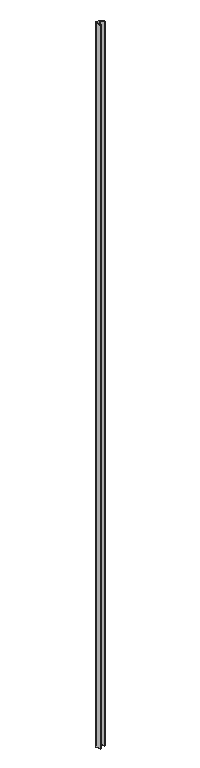
Revit family "M_Manômetro de luz-Guia de forração-Coluna", category Pilares estruturais, Revit 2019
Family settings
  Forma do corte = Não definido
  Material para o comportamento do modelo = Aço
  Exportar sempre como geometria = Não
  Redução da viga na planta = Da caixa de vinculação
  Número OmniClass = 23.25.30.11.14.11
  Título OmniClass = Columns
  ID de item do Seek = Light Gauge-Furring Channels-Column-0000-CAN-ENU
  Corte com vazios quando carregada = Não
  Representação simbólica = Das configurações de projeto
  Compartilhado = Não
  Exibir o pré-corte da família na vista da planta = Sim
Parameters (values of type "C19 x 12")
  t = 0.9 mm
  W = 0
  Structural Material [instance] = Metal - Manômetro de luz
  D = 19 mm
  Código de montagem = "B10"
  B = 20 mm
  A = 0.00 mm²
Reference planes
  plane 1 "Centro (Frente/Trás)": y = 0
  plane 2: z = 0
  plane 3 "Centro (Esquerda/Direita)": x = 0
  plane 4 "Direita": x = 20
  plane 5 "Inferior": y = -19
  plane 6 "Inserção(frente/trás)": y = -9.5
Forms (mm)
  Extrusion 1, solid, material "Metal - Manômetro de luz" <- "Structural Material", detail levels medium
    sketch origin (0, -41.275, 0) x (1, 0, 0) y (0, 1, 0)
      loop
        line (0, 41.275) -> (0, 22.275) -> (20, 22.275) -> (20, 23.175) -> (0.9, 23.175) -> (0.9, 40.375) -> (20, 40.375) -> (20, 41.275) -> (0, 41.275)
    from 0 to 2500
  Extrusion 2, solid, material "Metal - Manômetro de luz" <- "Structural Material", detail levels fine
    sketch origin (0, -41.275, 0) x (1, 0, 0) y (0, 1, 0)
      loop
        arc (2.475, 41.275) -> (0.725, 40.55) -> (0, 38.8) r 2.475
        line (0, 38.8) -> (0, 24.751)
        arc (0, 24.751) -> (0.725, 23.002) -> (2.474, 22.277) r 2.474
        line (2.474, 22.277) -> (20, 22.277) -> (20, 23.177) -> (2.487, 23.177)
        arc (2.487, 23.177) -> (1.365, 23.642) -> (0.9, 24.764) r 1.587
        line (0.9, 24.764) -> (0.9, 38.8)
        arc (0.9, 38.8) -> (1.361, 39.914) -> (2.475, 40.375) r 1.575
        line (2.475, 40.375) -> (20, 40.375) -> (20, 41.275) -> (2.475, 41.275)
    from 0 to 2500
Lines and regions (mm)
  symbolic lines, style "StructuralColumnStickSymbols", detail levels coarse
    curve 1: line (0, 0, 0) -> (20, 0, 0)
    curve 2: line (0, -19, 0) -> (20, -19, 0)
    curve 3: line (0, 0, 0) -> (0, -19, 0)
  symbolic lines, style "Faces ocultas", detail levels medium+fine
    curve 4: line (0.9, -18.098, 2500) -> (0.9, -18.098, 0)
    curve 5: line (0.9, -0.9, 2500) -> (0.9, -0.9, 0)
    curve 6: line (0.9, -19, 2500) -> (0.9, -19, 0)
Dimensions and locks
  "B": plane 3 "Centro (Esquerda/Direita)" to plane 4 "Direita"
  "t": Extrusion 2 sketch curve to Extrusion 2 sketch curve  (x3)
  "t": Extrusion 1 sketch curve to Extrusion 1 sketch curve  (x3)
  "D": plane 5 "Inferior" to plane 1 "Centro (Frente/Trás)"
  locked: Extrusion 2 sketch curve to Extrusion 2 sketch curve at 1.575  (x2)
  locked: Extrusion 2 sketch curve to Extrusion 2 sketch curve at 1.587  (x2)
  equal spacing: plane 5 "Inferior", plane 6 "Inserção(frente/trás)", plane 1 "Centro (Frente/Trás)"
  aligned and locked: level to Extrusion 1
  aligned and locked: level to plane 2
  aligned and locked: Extrusion 1 to plane 2
  aligned and locked: plane 3 "Centro (Esquerda/Direita)" to curve 2
  aligned and locked: level to Extrusion 2  (x2)
  aligned and locked: curve 4 to Extrusion 1
  aligned and locked: curve 5 to Extrusion 1
  aligned and locked: plane 3 "Centro (Esquerda/Direita)" to Extrusion 2 sketch curve
  aligned and locked: plane 4 "Direita" to Extrusion 1 sketch curve  (x4)
  aligned and locked: Extrusion 1 to plane 3 "Centro (Esquerda/Direita)"  (x2)
  aligned and locked: plane 4 "Direita" to Extrusion 2 sketch curve
  aligned and locked: Extrusion 1 sketch curve to plane 3 "Centro (Esquerda/Direita)"
  aligned and locked: plane 5 "Inferior" to Extrusion 1 sketch curve
  aligned and locked: plane 1 "Centro (Frente/Trás)" to Extrusion 1 sketch curve
  aligned and locked: Extrusion 1 to plane 1 "Centro (Frente/Trás)"
  aligned and locked: curve 3 to plane 3 "Centro (Esquerda/Direita)"
  aligned and locked: plane 5 "Inferior" to Extrusion 1  (x2)
  aligned and locked: level to curve 5
  aligned and locked: level to curve 4
  aligned and locked: Extrusion 2 to level  (x2)
  aligned and locked: curve 4 to Extrusion 2
  aligned and locked: curve 5 to Extrusion 2
  aligned and locked: curve 6 to Extrusion 1  (x2)
  aligned and locked: level to curve 6
  aligned and locked: plane 5 "Inferior" to curve 2
  aligned and locked: plane 1 "Centro (Frente/Trás)" to curve 1
Automatic sketch dimensions
  curve 2 to plane 4 "Direita" = 0 mm
  curve 1 to plane 4 "Direita" = 0 mm
  Extrusion 2 sketch curve to Extrusion 2 sketch curve = 0.013 mm
  Extrusion 2 sketch curve to Extrusion 2 sketch curve = 0 mm
  Extrusion 2 sketch curve to plane 4 "Direita" = 0 mm
  Extrusion 2 sketch curve to plane 1 "Centro (Frente/Trás)" = 0 mm
  Extrusion 2 sketch curve to plane 5 "Inferior" = 0.002 mm
Types in the file's own list only (1): name | t | D | B
  C30 x 12 | 1 mm | 30 mm | 12 mm
